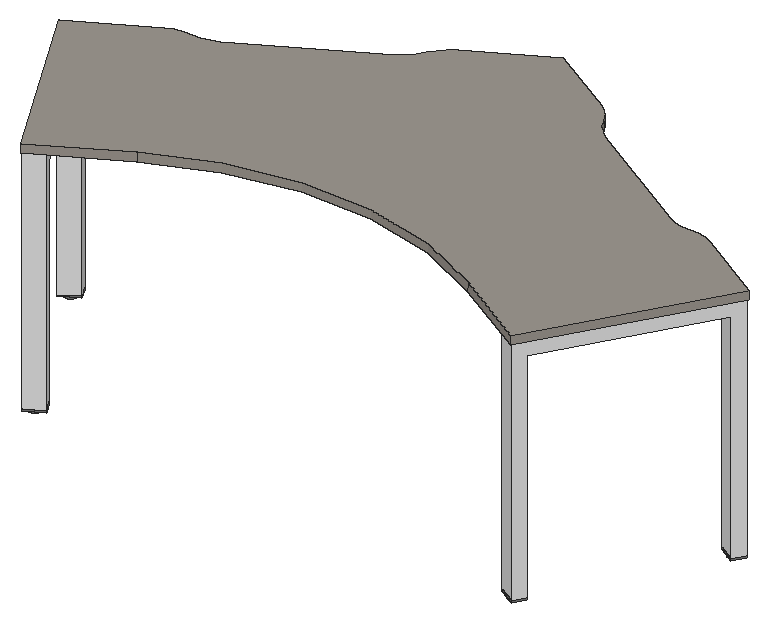
Revit family "120 Degree Symmetrical Workstation", category Furniture, Revit 2016
Family settings
  OmniClass Number = 23.40.20.00
  OmniClass Title = General Furniture and Specialties
  Work Plane-Based = No
  Always vertical = Yes
  Cut with Voids When Loaded = No
  Shared = No
  Room Calculation Point = No
Parameters
  URL = "www.gof.co.uk"
  Type Comments = ""
  Range = "MESA"
  Product Code = "MESW1206"
  Desktop = Gresham - Nordic Ash
  Model = ""
  Manufacturer = "Gresham Office Furniture"  # constant formula
  Frame = Gresham - Black Metal
  Foot = Gresham - Black Plastic
  Assembly Code = "E2020200"
Reference planes
  plane 1 "Center (Front/Back)": y = -58.397
  plane 2: z = 0
  plane 3 "Center (Left/Right)": x = 0
  plane 4 "Desktop Underside": z = 702
  plane 5 "Foot": z = 10
  plane 6: y = 588.013
  plane 7: y = -704.808
  plane 8: x = -1039.23
  plane 9: x = 1039.23
Forms (mm)
  Extrusion 1, solid, material "Gresham - Nordic Ash" <- "Desktop"
    sketch origin (-2813.985, 1941.512, 702) x (-1, 0, 0) y (0, -1, 0)
      loop
        line (-3030.492, 1478.5) -> (-2813.985, 1353.5) -> (-2597.479, 1478.5)
        arc (-2597.479, 1478.5) -> (-2568.541, 1501.862) -> (-2548.146, 1532.963) r 120
        arc (-2548.146, 1532.963) -> (-2527.751, 1564.064) -> (-2498.813, 1587.426) r 120
        line (-2498.813, 1587.426) -> (-2134.927, 1797.516)
        arc (-2134.927, 1797.516) -> (-2100.226, 1810.895) -> (-2063.094, 1813.008) r 120
        arc (-2063.094, 1813.008) -> (-2025.963, 1815.12) -> (-1991.261, 1828.5) r 120
        line (-1991.261, 1828.5) -> (-1774.755, 1953.5) -> (-2074.755, 2473.115) -> (-2313.985, 2334.995)
        arc (-2313.985, 2334.995) -> (-2813.985, 2201.021) -> (-3313.985, 2334.995) r 1000
        line (-3313.985, 2334.995) -> (-3553.216, 2473.115) -> (-3853.216, 1953.5) -> (-3636.709, 1828.5)
        arc (-3636.709, 1828.5) -> (-3602.008, 1815.12) -> (-3564.876, 1813.008) r 120
        arc (-3564.876, 1813.008) -> (-3527.745, 1810.895) -> (-3493.043, 1797.516) r 120
        line (-3493.043, 1797.516) -> (-3129.158, 1587.426)
        arc (-3129.158, 1587.426) -> (-3100.22, 1564.064) -> (-3079.825, 1532.963) r 120
        arc (-3079.825, 1532.963) -> (-3059.43, 1501.862) -> (-3030.492, 1478.5) r 120
    from 0 to 25
  Sweep 2, solid, material "Gresham - Black Metal" <- "Frame"
    path in 3D
      loop
        line (-835.104, -240.545, 702) -> (0, 241.603, 702) -> (835.104, -240.545, 702)
    profile origin (-417.552, 0.529, 702) x (-0.5, 0.866025, 0) y (0, 0, 1)
      loop
        line (20, 0) -> (-20, 0) -> (-20, -40) -> (20, -40) -> (20, 0)
  Extrusion 3, solid, material "Gresham - Black Metal" <- "Frame"
    sketch origin (48.06, 60.47, 702) x (-1, 0, 0) y (0, -1, 0)
      loop
        line (28.06, -457.543) -> (68.06, -457.543) -> (68.06, -417.543) -> (28.06, -417.543) -> (28.06, -457.543)
    from -692 to -3
  Extrusion 4, solid, material "Gresham - Black Metal" <- "Frame"
    sketch origin (0, 0, 702) x (-1, 0, 0) y (0, -1, 0)
      loop
        line (8.66, -548.013) -> (47.631, -480.513)
        arc (47.631, -480.513) -> (47.631, -470.513) -> (38.971, -465.513) r 10
        line (38.971, -465.513) -> (-38.971, -465.513)
        arc (-38.971, -465.513) -> (-47.631, -470.513) -> (-47.631, -480.513) r 10
        line (-47.631, -480.513) -> (-8.66, -548.013)
        arc (-8.66, -548.013) -> (0, -553.013) -> (8.66, -548.013) r 10
    from 0 to -3
  Extrusion 5, solid, material "Gresham - Black Plastic" <- "Foot"
    sketch origin (0, 0, 10) x (-1, 0, 0) y (0, -1, 0)
      loop
        line (-20, -518.013) -> (20, -518.013) -> (20, -478.013) -> (-20, -478.013) -> (-20, -518.013)
    from 0 to -5
  Extrusion 6, solid, material "Gresham - Black Plastic" <- "Foot"
    sketch origin (0, 0, 10) x (-1, 0, 0) y (0, -1, 0)
      loop
        circle (0, -498.013) r 18
    from -5 to -10
Lines and regions (mm)
  model lines
    curve 1: line (-835.104, -240.545, 702) -> (0, 241.603, 702)
    curve 2: line (835.104, -240.545, 702) -> (0, 241.603, 702)
  sketch lines
    curve 3: line (-835.104, -240.545, 702) -> (0, 241.603, 702)
    curve 4: line (835.104, -240.545, 702) -> (0, 241.603, 702)
Dimensions and locks
  locked: plane 4 "Desktop Underside" to plane 2 at 702
  locked: plane 2 to plane 5 "Foot" at 10
  plane 7 to plane 1 "Center (Front/Back)" to plane 6 = 646.41 mm, 646.41 mm
  Extrusion 1 sketch curve to Extrusion 1 sketch curve = 1200 mm  (x2)
  Extrusion 1 sketch curve to Extrusion 1 sketch curve = 250 mm  (x4)
  Extrusion 1 sketch curve to Extrusion 1 sketch curve = 45 mm  (x2)
  plane 8 to plane 9 = 2078.461 mm
  equal spacing: plane 8, plane 3 "Center (Left/Right)", plane 9
  Sweep 2 sketch curve to Extrusion 1 = 40 mm
  Sweep 2 sketch curve to Sweep 2 sketch curve = 40 mm
  plane 7 to plane 6 = 1292.82 mm
  nested 2 to level = 10 mm
  locked: Extrusion 1 to nested 2 at 2.5  (x2)
  locked: Extrusion 1 to nested 1 at 2.5  (x2)
  radius of Extrusion 6 sketch curve = 18 mm
  aligned and locked: level to plane 2
  aligned and locked: Extrusion 3 to Extrusion 4
  aligned and locked: Extrusion 6 to Extrusion 5
Automatic sketch dimensions
  profile plane to Sweep 2 sketch curve = 0 mm
  profile plane to Sweep 2 sketch curve = 20 mm
  plane 3 "Center (Left/Right)" to Extrusion 3 sketch curve = 20 mm
  Extrusion 3 sketch curve to Extrusion 3 sketch curve = 40 mm  (x2)
  plane 6 to Extrusion 3 sketch curve = 70 mm
  plane 3 "Center (Left/Right)" to Extrusion 4 sketch curve = 47.631 mm
  Extrusion 4 sketch curve to Extrusion 4 sketch curve = 8.66 mm  (x4)
  Extrusion 4 sketch curve to Extrusion 4 sketch curve = 38.971 mm
  Extrusion 4 sketch curve to Extrusion 4 sketch curve = 77.942 mm
  plane 6 to Extrusion 4 sketch curve = 40 mm
  Extrusion 4 sketch curve to Extrusion 4 sketch curve = 5 mm  (x2)
  Extrusion 4 sketch curve to Extrusion 4 sketch curve = 67.5 mm
  Extrusion 4 sketch curve to Extrusion 4 sketch curve = 15 mm
  plane 3 "Center (Left/Right)" to Extrusion 5 sketch curve = 20 mm
  Extrusion 5 sketch curve to plane 3 "Center (Left/Right)" = 20 mm
  plane 6 to Extrusion 5 sketch curve = 70 mm
  Extrusion 5 sketch curve to Extrusion 5 sketch curve = 40 mm
  curve 2 to plane 3 "Center (Left/Right)" = 0 mm
  curve 2 to plane 1 "Center (Front/Back)" = 300 mm
  curve 2 to plane 9 = 204.127 mm
  plane 8 to curve 1 = 204.127 mm
  plane 1 "Center (Front/Back)" to curve 2 = 182.147 mm
  plane 1 "Center (Front/Back)" to curve 1 = 182.147 mm
  Extrusion 6 sketch curve to plane 3 "Center (Left/Right)" = 0 mm
  plane 6 to Extrusion 6 sketch curve = 90 mm
  Extrusion 1 sketch curve to plane 9 = 0 mm
  Extrusion 1 sketch curve to plane 3 "Center (Left/Right)" = 0 mm
  Extrusion 1 sketch curve to plane 8 = 0 mm
  plane 6 to Extrusion 1 sketch curve = 0 mm
  Extrusion 1 sketch curve to Extrusion 1 sketch curve = 239.23 mm  (x2)
  Extrusion 1 sketch curve to plane 1 "Center (Front/Back)" = 171.41 mm
  Extrusion 1 sketch curve to Extrusion 1 sketch curve = 60 mm  (x5)
  Extrusion 1 sketch curve to Extrusion 1 sketch curve = 83.666 mm
  Extrusion 1 sketch curve to plane 1 "Center (Front/Back)" = 202.394 mm  (x2)
  plane 6 to Extrusion 1 sketch curve = 130.003 mm
  plane 3 "Center (Left/Right)" to Extrusion 1 sketch curve = 375.173 mm
  plane 6 to Extrusion 1 sketch curve = 233.926 mm
  plane 6 to Extrusion 1 sketch curve = 125 mm  (x2)
  Extrusion 1 sketch curve to plane 3 "Center (Left/Right)" = 156.506 mm
  Extrusion 1 sketch curve to Extrusion 1 sketch curve = 98.666 mm
  Extrusion 1 sketch curve to Extrusion 1 sketch curve = 103.923 mm  (x5)
  Extrusion 1 sketch curve to plane 1 "Center (Front/Back)" = 67.487 mm  (x2)
  Extrusion 1 sketch curve to Extrusion 1 sketch curve = 866.025 mm
  Extrusion 1 sketch curve to plane 7 = 173.205 mm  (x2)
  Extrusion 1 sketch curve to Extrusion 1 sketch curve = 138.12 mm
Nested families
  nested 1: "600 Mesa Leg" at (492.82, -158.397, 0) x (0.866, -0.5, 0) z (0, 0, 1), type "600 Mesa Leg"
  nested 2: "600 Mesa Leg" at (-492.82, -158.397, 0) x (-0.866, -0.5, 0) z (0, 0, 1), type "600 Mesa Leg"
Definition of nested family "600 Mesa Leg"
  Parameters (values of type "600 Mesa Leg")
    Width = 800 mm
    URL = "www.gof.co.uk"
    Type Comments = ""
    Range = "MESA"
    Product Code = "600 Leg"
    Model = ""
    Manufacturer = "Gresham Office Furniture"  # constant formula
    Frame = none
    Foot = none
    Assembly Code = "E2020200"
  Reference planes
    plane 1 "Center (Front/Back)": y = 100
    plane 2: z = 0
    plane 3 "Center (Left/Right)": x = 0
    plane 4: x = -400
    plane 5: x = 400
    plane 6 "Desktop Underside": z = 702
    plane 7: y = 400
    plane 8: y = -200
    plane 9 "Foot": z = 10
  Forms (mm)
    Extrusion 1, solid, material <- "Frame"
      sketch origin (997.5, 311.693, 702) x (0, -1, 0) y (0, 0, 1)
        loop
          line (83.606, 0) -> (-85.807, 0) -> (-85.807, -692) -> (-45.807, -692) -> (-45.807, -40) -> (469.193, -40) -> (469.193, -692) -> (509.193, -692) -> (509.193, 0) -> (83.606, 0)
      from 600 to 660
    Extrusion 2, solid, material <- "Foot"
      sketch origin (481.991, 484.546, 10) x (-0.707107, 0.707107, 0) y (-0.707107, -0.707107, 0)
        loop
          line (-380.109, 584.45) -> (-422.535, 542.023) -> (-394.251, 513.739) -> (-351.824, 556.165) -> (-380.109, 584.45)
        loop
          line (40.62, 163.721) -> (12.336, 192.005) -> (-30.091, 149.579) -> (-1.807, 121.295) -> (40.62, 163.721)
      from 0 to -5
    Extrusion 3, solid
      sketch origin (487.674, 479.532, 0) x (0.707107, -0.707107, 0) y (0.707107, 0.707107, 0)
        loop
          circle (379.616, -549.567) r 18
        loop
          circle (-12.828, -157.123) r 18
      from 0 to 5
  Dimensions and locks
    locked: plane 6 "Desktop Underside" to plane 2 at 702
    equal spacing: plane 4, plane 3 "Center (Left/Right)", plane 5
    "Width": plane 4 to plane 5
    equal spacing: plane 7, plane 1 "Center (Front/Back)", plane 8
    locked: plane 7 to plane 8 at 600
    Extrusion 1 sketch curve to Extrusion 1 sketch curve = 40 mm  (x2)
    locked: Extrusion 1 to plane 8 at 2.5
    locked: plane 7 to Extrusion 1 at 2.5
    Extrusion 1 to Extrusion 2 sketch curve = 40 mm
    Extrusion 3 sketch curve to plane 5 = 32.5 mm
    locked: Extrusion 1 to Extrusion 1 at 60
    aligned and locked: level to plane 2
  Automatic sketch dimensions
    Extrusion 1 sketch curve to plane 6 "Desktop Underside" = 0 mm
    Extrusion 1 sketch curve to plane 9 "Foot" = 0 mm  (x2)
    Extrusion 1 sketch curve to plane 1 "Center (Front/Back)" = 128.087 mm
    plane 5 to Extrusion 2 sketch curve = 2.5 mm
    plane 8 to Extrusion 2 sketch curve = 2.5 mm
    Extrusion 2 sketch curve to Extrusion 2 sketch curve = 28.284 mm  (x3)
    Extrusion 2 sketch curve to Extrusion 2 sketch curve = 42.426 mm  (x2)
    Extrusion 2 sketch curve to Extrusion 2 sketch curve = 364.16 mm
    Extrusion 3 sketch curve to Extrusion 3 sketch curve = 392.444 mm  (x2)
    Extrusion 1 sketch curve to plane 7 = 42.5 mm
    plane 8 to Extrusion 1 sketch curve = 42.5 mm
    Extrusion 1 sketch curve to plane 6 "Desktop Underside" = 40 mm
    Extrusion 3 sketch curve to plane 7 = 22.5 mm
    radius of Extrusion 3 sketch curve = 18 mm  (x2)
